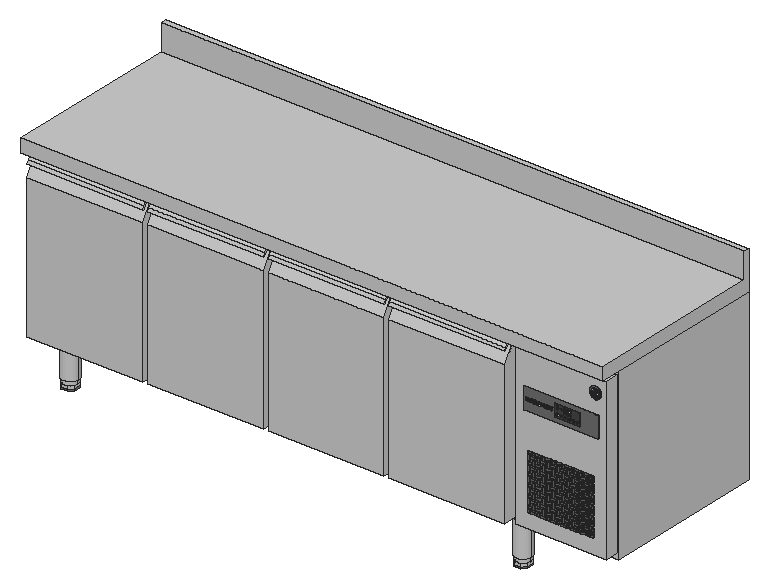
Revit family "QF_HOSHIZAKI_899040844", category Specialty Equipment, Revit 2016 (continued)
Definition of nested family "QF_HOSHIZAKI_899040844_230V_1Ph_50Hz"
  Definition of nested family "Control-panel"
    Forms (mm)
      Extrusion 1, solid
        sketch origin (-3653, 19.5, -135) x (-1, 0, 0) y (0, 0, 1)
          loop
            line (-3900.025, 276.976) -> (-3900.025, 283.976) -> (-3907.025, 283.976) -> (-3907.025, 276.976) -> (-3900.025, 276.976)
          loop
            line (-3881.025, 276.976) -> (-3881.025, 283.976) -> (-3888.025, 283.976) -> (-3888.025, 276.976) -> (-3881.025, 276.976)
          loop
            line (-3862.025, 276.976) -> (-3862.025, 283.976) -> (-3869.025, 283.976) -> (-3869.025, 276.976) -> (-3862.025, 276.976)
          loop
            line (-3843.025, 276.976) -> (-3843.025, 283.976) -> (-3850.025, 283.976) -> (-3850.025, 276.976) -> (-3843.025, 276.976)
          loop
            line (-3824.025, 276.976) -> (-3824.025, 283.976) -> (-3831.025, 283.976) -> (-3831.025, 276.976) -> (-3824.025, 276.976)
          loop
            line (-3805.025, 276.976) -> (-3805.025, 283.976) -> (-3812.025, 283.976) -> (-3812.025, 276.976) -> (-3805.025, 276.976)
          loop
            line (-3786.025, 276.976) -> (-3786.025, 283.976) -> (-3793.025, 283.976) -> (-3793.025, 276.976) -> (-3786.025, 276.976)
          loop
            line (-3767.025, 276.976) -> (-3767.025, 283.976) -> (-3774.025, 283.976) -> (-3774.025, 276.976) -> (-3767.025, 276.976)
          loop
            line (-3748.025, 276.976) -> (-3748.025, 283.976) -> (-3755.025, 283.976) -> (-3755.025, 276.976) -> (-3748.025, 276.976)
          loop
            line (-3729.025, 276.976) -> (-3729.025, 283.976) -> (-3736.025, 283.976) -> (-3736.025, 276.976) -> (-3729.025, 276.976)
          loop
            line (-3710.025, 276.976) -> (-3710.025, 283.976) -> (-3717.025, 283.976) -> (-3717.025, 276.976) -> (-3710.025, 276.976)
          loop
            arc (-3719.5, 279.986) -> (-3723, 283.486) -> (-3726.5, 279.986) r 3.5
            line (-3726.5, 279.986) -> (-3726.5, 261.986)
            arc (-3726.5, 261.986) -> (-3723, 258.486) -> (-3719.5, 261.986) r 3.5
            line (-3719.5, 261.986) -> (-3719.5, 279.986)
          loop
            arc (-3757.5, 279.986) -> (-3761, 283.486) -> (-3764.5, 279.986) r 3.5
            line (-3764.5, 279.986) -> (-3764.5, 261.986)
            arc (-3764.5, 261.986) -> (-3761, 258.486) -> (-3757.5, 261.986) r 3.5
            line (-3757.5, 261.986) -> (-3757.5, 279.986)
          loop
            arc (-3795.5, 279.986) -> (-3799, 283.486) -> (-3802.5, 279.986) r 3.5
            line (-3802.5, 279.986) -> (-3802.5, 261.986)
            arc (-3802.5, 261.986) -> (-3799, 258.486) -> (-3795.5, 261.986) r 3.5
            line (-3795.5, 261.986) -> (-3795.5, 279.986)
          loop
            arc (-3833.5, 279.986) -> (-3837, 283.486) -> (-3840.5, 279.986) r 3.5
            line (-3840.5, 279.986) -> (-3840.5, 261.986)
            arc (-3840.5, 261.986) -> (-3837, 258.486) -> (-3833.5, 261.986) r 3.5
            line (-3833.5, 261.986) -> (-3833.5, 279.986)
          loop
            arc (-3871.5, 279.986) -> (-3875, 283.486) -> (-3878.5, 279.986) r 3.5
            line (-3878.5, 279.986) -> (-3878.5, 261.986)
            arc (-3878.5, 261.986) -> (-3875, 258.486) -> (-3871.5, 261.986) r 3.5
            line (-3871.5, 261.986) -> (-3871.5, 279.986)
          loop
            arc (-3909.5, 279.986) -> (-3913, 283.486) -> (-3916.5, 279.986) r 3.5
            line (-3916.5, 279.986) -> (-3916.5, 261.986)
            arc (-3916.5, 261.986) -> (-3913, 258.486) -> (-3909.5, 261.986) r 3.5
            line (-3909.5, 261.986) -> (-3909.5, 279.986)
          loop
            arc (-3951, 292.986) -> (-3954, 289.986) -> (-3951, 286.986) r 3
            line (-3951, 286.986) -> (-3942, 286.986)
            arc (-3942, 286.986) -> (-3939, 289.986) -> (-3942, 292.986) r 3
            line (-3942, 292.986) -> (-3951, 292.986)
          loop
            arc (-3947.5, 279.986) -> (-3951, 283.486) -> (-3954.5, 279.986) r 3.5
            line (-3954.5, 279.986) -> (-3954.5, 261.986)
            arc (-3954.5, 261.986) -> (-3951, 258.486) -> (-3947.5, 261.986) r 3.5
            line (-3947.5, 261.986) -> (-3947.5, 279.986)
          loop
            arc (-3941, 274.486) -> (-3944.5, 270.986) -> (-3941, 267.486) r 3.5
            line (-3941, 267.486) -> (-3923, 267.486)
            arc (-3923, 267.486) -> (-3919.5, 270.986) -> (-3923, 274.486) r 3.5
            line (-3923, 274.486) -> (-3941, 274.486)
          loop
            arc (-3903, 274.486) -> (-3906.5, 270.986) -> (-3903, 267.486) r 3.5
            line (-3903, 267.486) -> (-3885, 267.486)
            arc (-3885, 267.486) -> (-3881.5, 270.986) -> (-3885, 274.486) r 3.5
            line (-3885, 274.486) -> (-3903, 274.486)
          loop
            arc (-3865, 274.486) -> (-3868.5, 270.986) -> (-3865, 267.486) r 3.5
            line (-3865, 267.486) -> (-3847, 267.486)
            arc (-3847, 267.486) -> (-3843.5, 270.986) -> (-3847, 274.486) r 3.5
            line (-3847, 274.486) -> (-3865, 274.486)
          loop
            arc (-3827, 274.486) -> (-3830.5, 270.986) -> (-3827, 267.486) r 3.5
            line (-3827, 267.486) -> (-3809, 267.486)
            arc (-3809, 267.486) -> (-3805.5, 270.986) -> (-3809, 274.486) r 3.5
            line (-3809, 274.486) -> (-3827, 274.486)
          loop
            arc (-3789, 274.486) -> (-3792.5, 270.986) -> (-3789, 267.486) r 3.5
            line (-3789, 267.486) -> (-3771, 267.486)
            arc (-3771, 267.486) -> (-3767.5, 270.986) -> (-3771, 274.486) r 3.5
            line (-3771, 274.486) -> (-3789, 274.486)
          loop
            arc (-3751, 274.486) -> (-3754.5, 270.986) -> (-3751, 267.486) r 3.5
            line (-3751, 267.486) -> (-3733, 267.486)
            arc (-3733, 267.486) -> (-3729.5, 270.986) -> (-3733, 274.486) r 3.5
            line (-3733, 274.486) -> (-3751, 274.486)
          loop
            arc (-3713, 274.486) -> (-3716.5, 270.986) -> (-3713, 267.486) r 3.5
            line (-3713, 267.486) -> (-3704, 267.486)
            arc (-3704, 267.486) -> (-3700.5, 270.986) -> (-3704, 274.486) r 3.5
            line (-3704, 274.486) -> (-3713, 274.486)
          loop
            line (-3938.025, 264.996) -> (-3945.025, 264.996) -> (-3945.025, 257.996) -> (-3938.025, 257.996) -> (-3938.025, 264.996)
          loop
            line (-3919.025, 264.996) -> (-3926.025, 264.996) -> (-3926.025, 257.996) -> (-3919.025, 257.996) -> (-3919.025, 264.996)
          loop
            line (-3900.025, 264.996) -> (-3907.025, 264.996) -> (-3907.025, 257.996) -> (-3900.025, 257.996) -> (-3900.025, 264.996)
          loop
            line (-3881.025, 264.996) -> (-3888.025, 264.996) -> (-3888.025, 257.996) -> (-3881.025, 257.996) -> (-3881.025, 264.996)
          loop
            line (-3862.025, 264.996) -> (-3869.025, 264.996) -> (-3869.025, 257.996) -> (-3862.025, 257.996) -> (-3862.025, 264.996)
          loop
            line (-3843.025, 264.996) -> (-3850.025, 264.996) -> (-3850.025, 257.996) -> (-3843.025, 257.996) -> (-3843.025, 264.996)
          loop
            line (-3824.025, 264.996) -> (-3831.025, 264.996) -> (-3831.025, 257.996) -> (-3824.025, 257.996) -> (-3824.025, 264.996)
          loop
            line (-3805.025, 264.996) -> (-3812.025, 264.996) -> (-3812.025, 257.996) -> (-3805.025, 257.996) -> (-3805.025, 264.996)
          loop
            line (-3786.025, 264.996) -> (-3793.025, 264.996) -> (-3793.025, 257.996) -> (-3786.025, 257.996) -> (-3786.025, 264.996)
          loop
            line (-3767.025, 264.996) -> (-3774.025, 264.996) -> (-3774.025, 257.996) -> (-3767.025, 257.996) -> (-3767.025, 264.996)
          loop
            line (-3748.025, 264.996) -> (-3755.025, 264.996) -> (-3755.025, 257.996) -> (-3748.025, 257.996) -> (-3748.025, 264.996)
          loop
            line (-3729.025, 264.996) -> (-3736.025, 264.996) -> (-3736.025, 257.996) -> (-3729.025, 257.996) -> (-3729.025, 264.996)
          loop
            line (-3710.025, 264.996) -> (-3717.025, 264.996) -> (-3717.025, 257.996) -> (-3710.025, 257.996) -> (-3710.025, 264.996)
          loop
            line (-3935.5, 260.986) -> (-3935.5, 242.986)
            arc (-3935.5, 242.986) -> (-3932, 239.486) -> (-3928.5, 242.986) r 3.5
            line (-3928.5, 242.986) -> (-3928.5, 260.986)
            arc (-3928.5, 260.986) -> (-3932, 264.486) -> (-3935.5, 260.986) r 3.5
          loop
            line (-3897.5, 260.986) -> (-3897.5, 242.986)
            arc (-3897.5, 242.986) -> (-3894, 239.486) -> (-3890.5, 242.986) r 3.5
            line (-3890.5, 242.986) -> (-3890.5, 260.986)
            arc (-3890.5, 260.986) -> (-3894, 264.486) -> (-3897.5, 260.986) r 3.5
          loop
            line (-3859.5, 260.986) -> (-3859.5, 242.986)
            arc (-3859.5, 242.986) -> (-3856, 239.486) -> (-3852.5, 242.986) r 3.5
            line (-3852.5, 242.986) -> (-3852.5, 260.986)
            arc (-3852.5, 260.986) -> (-3856, 264.486) -> (-3859.5, 260.986) r 3.5
          loop
            line (-3821.5, 260.986) -> (-3821.5, 242.986)
            arc (-3821.5, 242.986) -> (-3818, 239.486) -> (-3814.5, 242.986) r 3.5
            line (-3814.5, 242.986) -> (-3814.5, 260.986)
            arc (-3814.5, 260.986) -> (-3818, 264.486) -> (-3821.5, 260.986) r 3.5
          loop
            line (-3783.5, 260.986) -> (-3783.5, 242.986)
            arc (-3783.5, 242.986) -> (-3780, 239.486) -> (-3776.5, 242.986) r 3.5
            line (-3776.5, 242.986) -> (-3776.5, 260.986)
            arc (-3776.5, 260.986) -> (-3780, 264.486) -> (-3783.5, 260.986) r 3.5
          loop
            line (-3745.5, 260.986) -> (-3745.5, 242.986)
            arc (-3745.5, 242.986) -> (-3742, 239.486) -> (-3738.5, 242.986) r 3.5
            line (-3738.5, 242.986) -> (-3738.5, 260.986)
            arc (-3738.5, 260.986) -> (-3742, 264.486) -> (-3745.5, 260.986) r 3.5
          loop
            line (-3707.5, 260.986) -> (-3707.5, 242.986)
            arc (-3707.5, 242.986) -> (-3704, 239.486) -> (-3700.5, 242.986) r 3.5
            line (-3700.5, 242.986) -> (-3700.5, 260.986)
            arc (-3700.5, 260.986) -> (-3704, 264.486) -> (-3707.5, 260.986) r 3.5
          loop
            arc (-3922, 255.486) -> (-3925.5, 251.986) -> (-3922, 248.486) r 3.5
            line (-3922, 248.486) -> (-3904, 248.486)
            arc (-3904, 248.486) -> (-3900.5, 251.986) -> (-3904, 255.486) r 3.5
            line (-3904, 255.486) -> (-3922, 255.486)
          loop
            arc (-3884, 255.486) -> (-3887.5, 251.986) -> (-3884, 248.486) r 3.5
            line (-3884, 248.486) -> (-3866, 248.486)
            arc (-3866, 248.486) -> (-3862.5, 251.986) -> (-3866, 255.486) r 3.5
            line (-3866, 255.486) -> (-3884, 255.486)
          loop
            arc (-3846, 255.486) -> (-3849.5, 251.986) -> (-3846, 248.486) r 3.5
            line (-3846, 248.486) -> (-3828, 248.486)
            arc (-3828, 248.486) -> (-3824.5, 251.986) -> (-3828, 255.486) r 3.5
            line (-3828, 255.486) -> (-3846, 255.486)
          loop
            arc (-3808, 255.486) -> (-3811.5, 251.986) -> (-3808, 248.486) r 3.5
            line (-3808, 248.486) -> (-3790, 248.486)
            arc (-3790, 248.486) -> (-3786.5, 251.986) -> (-3790, 255.486) r 3.5
            line (-3790, 255.486) -> (-3808, 255.486)
          loop
            arc (-3770, 255.486) -> (-3773.5, 251.986) -> (-3770, 248.486) r 3.5
            line (-3770, 248.486) -> (-3752, 248.486)
            arc (-3752, 248.486) -> (-3748.5, 251.986) -> (-3752, 255.486) r 3.5
            line (-3752, 255.486) -> (-3770, 255.486)
          loop
            arc (-3732, 255.486) -> (-3735.5, 251.986) -> (-3732, 248.486) r 3.5
            line (-3732, 248.486) -> (-3714, 248.486)
            arc (-3714, 248.486) -> (-3710.5, 251.986) -> (-3714, 255.486) r 3.5
            line (-3714, 255.486) -> (-3732, 255.486)
          loop
            line (-3938.025, 238.976) -> (-3938.025, 245.976) -> (-3945.025, 245.976) -> (-3945.025, 238.976) -> (-3938.025, 238.976)
          loop
            line (-3919.025, 238.976) -> (-3919.025, 245.976) -> (-3926.025, 245.976) -> (-3926.025, 238.976) -> (-3919.025, 238.976)
          loop
            line (-3900.025, 238.976) -> (-3900.025, 245.976) -> (-3907.025, 245.976) -> (-3907.025, 238.976) -> (-3900.025, 238.976)
          loop
            line (-3881.025, 238.976) -> (-3881.025, 245.976) -> (-3888.025, 245.976) -> (-3888.025, 238.976) -> (-3881.025, 238.976)
          loop
            line (-3862.025, 238.976) -> (-3862.025, 245.976) -> (-3869.025, 245.976) -> (-3869.025, 238.976) -> (-3862.025, 238.976)
          loop
            line (-3843.025, 238.976) -> (-3843.025, 245.976) -> (-3850.025, 245.976) -> (-3850.025, 238.976) -> (-3843.025, 238.976)
          loop
            line (-3824.025, 238.976) -> (-3824.025, 245.976) -> (-3831.025, 245.976) -> (-3831.025, 238.976) -> (-3824.025, 238.976)
          loop
            line (-3805.025, 238.976) -> (-3805.025, 245.976) -> (-3812.025, 245.976) -> (-3812.025, 238.976) -> (-3805.025, 238.976)
          loop
            line (-3786.025, 238.976) -> (-3786.025, 245.976) -> (-3793.025, 245.976) -> (-3793.025, 238.976) -> (-3786.025, 238.976)
          loop
            line (-3767.025, 238.976) -> (-3767.025, 245.976) -> (-3774.025, 245.976) -> (-3774.025, 238.976) -> (-3767.025, 238.976)
          loop
            line (-3748.025, 238.976) -> (-3748.025, 245.976) -> (-3755.025, 245.976) -> (-3755.025, 238.976) -> (-3748.025, 238.976)
          loop
            line (-3729.025, 238.976) -> (-3729.025, 245.976) -> (-3736.025, 245.976) -> (-3736.025, 238.976) -> (-3729.025, 238.976)
          loop
            line (-3710.025, 238.976) -> (-3710.025, 245.976) -> (-3717.025, 245.976) -> (-3717.025, 238.976) -> (-3710.025, 238.976)
          loop
            arc (-3719.5, 241.986) -> (-3723, 245.486) -> (-3726.5, 241.986) r 3.5
            line (-3726.5, 241.986) -> (-3726.5, 223.986)
            arc (-3726.5, 223.986) -> (-3723, 220.486) -> (-3719.5, 223.986) r 3.5
            line (-3719.5, 223.986) -> (-3719.5, 241.986)
          loop
            arc (-3757.5, 241.986) -> (-3761, 245.486) -> (-3764.5, 241.986) r 3.5
            line (-3764.5, 241.986) -> (-3764.5, 223.986)
            arc (-3764.5, 223.986) -> (-3761, 220.486) -> (-3757.5, 223.986) r 3.5
            line (-3757.5, 223.986) -> (-3757.5, 241.986)
          loop
            arc (-3795.5, 241.986) -> (-3799, 245.486) -> (-3802.5, 241.986) r 3.5
            line (-3802.5, 241.986) -> (-3802.5, 223.986)
            arc (-3802.5, 223.986) -> (-3799, 220.486) -> (-3795.5, 223.986) r 3.5
            line (-3795.5, 223.986) -> (-3795.5, 241.986)
          loop
            arc (-3833.5, 241.986) -> (-3837, 245.486) -> (-3840.5, 241.986) r 3.5
            line (-3840.5, 241.986) -> (-3840.5, 223.986)
            arc (-3840.5, 223.986) -> (-3837, 220.486) -> (-3833.5, 223.986) r 3.5
            line (-3833.5, 223.986) -> (-3833.5, 241.986)
          loop
            arc (-3871.5, 241.986) -> (-3875, 245.486) -> (-3878.5, 241.986) r 3.5
            line (-3878.5, 241.986) -> (-3878.5, 223.986)
            arc (-3878.5, 223.986) -> (-3875, 220.486) -> (-3871.5, 223.986) r 3.5
            line (-3871.5, 223.986) -> (-3871.5, 241.986)
          loop
            arc (-3909.5, 241.986) -> (-3913, 245.486) -> (-3916.5, 241.986) r 3.5
            line (-3916.5, 241.986) -> (-3916.5, 223.986)
            arc (-3916.5, 223.986) -> (-3913, 220.486) -> (-3909.5, 223.986) r 3.5
            line (-3909.5, 223.986) -> (-3909.5, 241.986)
          loop
            arc (-3951, 254.986) -> (-3954, 251.986) -> (-3951, 248.986) r 3
            line (-3951, 248.986) -> (-3942, 248.986)
            arc (-3942, 248.986) -> (-3939, 251.986) -> (-3942, 254.986) r 3
            line (-3942, 254.986) -> (-3951, 254.986)
          loop
            arc (-3947.5, 241.986) -> (-3951, 245.486) -> (-3954.5, 241.986) r 3.5
            line (-3954.5, 241.986) -> (-3954.5, 223.986)
            arc (-3954.5, 223.986) -> (-3951, 220.486) -> (-3947.5, 223.986) r 3.5
            line (-3947.5, 223.986) -> (-3947.5, 241.986)
          loop
            arc (-3941, 236.486) -> (-3944.5, 232.986) -> (-3941, 229.486) r 3.5
            line (-3941, 229.486) -> (-3923, 229.486)
            arc (-3923, 229.486) -> (-3919.5, 232.986) -> (-3923, 236.486) r 3.5
            line (-3923, 236.486) -> (-3941, 236.486)
          loop
            arc (-3903, 236.486) -> (-3906.5, 232.986) -> (-3903, 229.486) r 3.5
            line (-3903, 229.486) -> (-3885, 229.486)
            arc (-3885, 229.486) -> (-3881.5, 232.986) -> (-3885, 236.486) r 3.5
            line (-3885, 236.486) -> (-3903, 236.486)
          loop
            arc (-3865, 236.486) -> (-3868.5, 232.986) -> (-3865, 229.486) r 3.5
            line (-3865, 229.486) -> (-3847, 229.486)
            arc (-3847, 229.486) -> (-3843.5, 232.986) -> (-3847, 236.486) r 3.5
            line (-3847, 236.486) -> (-3865, 236.486)
          loop
            arc (-3827, 236.486) -> (-3830.5, 232.986) -> (-3827, 229.486) r 3.5
            line (-3827, 229.486) -> (-3809, 229.486)
            arc (-3809, 229.486) -> (-3805.5, 232.986) -> (-3809, 236.486) r 3.5
            line (-3809, 236.486) -> (-3827, 236.486)
          loop
            arc (-3789, 236.486) -> (-3792.5, 232.986) -> (-3789, 229.486) r 3.5
            line (-3789, 229.486) -> (-3771, 229.486)
            arc (-3771, 229.486) -> (-3767.5, 232.986) -> (-3771, 236.486) r 3.5
            line (-3771, 236.486) -> (-3789, 236.486)
          loop
            arc (-3751, 236.486) -> (-3754.5, 232.986) -> (-3751, 229.486) r 3.5
            line (-3751, 229.486) -> (-3733, 229.486)
            arc (-3733, 229.486) -> (-3729.5, 232.986) -> (-3733, 236.486) r 3.5
            line (-3733, 236.486) -> (-3751, 236.486)
          loop
            arc (-3713, 236.486) -> (-3716.5, 232.986) -> (-3713, 229.486) r 3.5
            line (-3713, 229.486) -> (-3704, 229.486)
            arc (-3704, 229.486) -> (-3700.5, 232.986) -> (-3704, 236.486) r 3.5
            line (-3704, 236.486) -> (-3713, 236.486)
          loop
            line (-3938.025, 226.996) -> (-3945.025, 226.996) -> (-3945.025, 219.996) -> (-3938.025, 219.996) -> (-3938.025, 226.996)
          loop
            line (-3919.025, 226.996) -> (-3926.025, 226.996) -> (-3926.025, 219.996) -> (-3919.025, 219.996) -> (-3919.025, 226.996)
          loop
            line (-3900.025, 226.996) -> (-3907.025, 226.996) -> (-3907.025, 219.996) -> (-3900.025, 219.996) -> (-3900.025, 226.996)
          loop
            line (-3881.025, 226.996) -> (-3888.025, 226.996) -> (-3888.025, 219.996) -> (-3881.025, 219.996) -> (-3881.025, 226.996)
          loop
            line (-3862.025, 226.996) -> (-3869.025, 226.996) -> (-3869.025, 219.996) -> (-3862.025, 219.996) -> (-3862.025, 226.996)
          loop
            line (-3843.025, 226.996) -> (-3850.025, 226.996) -> (-3850.025, 219.996) -> (-3843.025, 219.996) -> (-3843.025, 226.996)
          loop
            line (-3824.025, 226.996) -> (-3831.025, 226.996) -> (-3831.025, 219.996) -> (-3824.025, 219.996) -> (-3824.025, 226.996)
          loop
            line (-3805.025, 226.996) -> (-3812.025, 226.996) -> (-3812.025, 219.996) -> (-3805.025, 219.996) -> (-3805.025, 226.996)
          loop
            line (-3786.025, 226.996) -> (-3793.025, 226.996) -> (-3793.025, 219.996) -> (-3786.025, 219.996) -> (-3786.025, 226.996)
          loop
            line (-3767.025, 226.996) -> (-3774.025, 226.996) -> (-3774.025, 219.996) -> (-3767.025, 219.996) -> (-3767.025, 226.996)
          loop
            line (-3748.025, 226.996) -> (-3755.025, 226.996) -> (-3755.025, 219.996) -> (-3748.025, 219.996) -> (-3748.025, 226.996)
          loop
            line (-3729.025, 226.996) -> (-3736.025, 226.996) -> (-3736.025, 219.996) -> (-3729.025, 219.996) -> (-3729.025, 226.996)
          loop
            line (-3710.025, 226.996) -> (-3717.025, 226.996) -> (-3717.025, 219.996) -> (-3710.025, 219.996) -> (-3710.025, 226.996)
          loop
            arc (-3922, 217.486) -> (-3925.5, 213.986) -> (-3922, 210.486) r 3.5
            line (-3922, 210.486) -> (-3904, 210.486)
            arc (-3904, 210.486) -> (-3900.5, 213.986) -> (-3904, 217.486) r 3.5
            line (-3904, 217.486) -> (-3922, 217.486)
          loop
            arc (-3884, 217.486) -> (-3887.5, 213.986) -> (-3884, 210.486) r 3.5
            line (-3884, 210.486) -> (-3866, 210.486)
            arc (-3866, 210.486) -> (-3862.5, 213.986) -> (-3866, 217.486) r 3.5
            line (-3866, 217.486) -> (-3884, 217.486)
          loop
            arc (-3846, 217.486) -> (-3849.5, 213.986) -> (-3846, 210.486) r 3.5
            line (-3846, 210.486) -> (-3828, 210.486)
            arc (-3828, 210.486) -> (-3824.5, 213.986) -> (-3828, 217.486) r 3.5
            line (-3828, 217.486) -> (-3846, 217.486)
          loop
            arc (-3808, 217.486) -> (-3811.5, 213.986) -> (-3808, 210.486) r 3.5
            line (-3808, 210.486) -> (-3790, 210.486)
            arc (-3790, 210.486) -> (-3786.5, 213.986) -> (-3790, 217.486) r 3.5
            line (-3790, 217.486) -> (-3808, 217.486)
          loop
            arc (-3770, 217.486) -> (-3773.5, 213.986) -> (-3770, 210.486) r 3.5
            line (-3770, 210.486) -> (-3752, 210.486)
            arc (-3752, 210.486) -> (-3748.5, 213.986) -> (-3752, 217.486) r 3.5
            line (-3752, 217.486) -> (-3770, 217.486)
          loop
            arc (-3732, 217.486) -> (-3735.5, 213.986) -> (-3732, 210.486) r 3.5
            line (-3732, 210.486) -> (-3714, 210.486)
            arc (-3714, 210.486) -> (-3710.5, 213.986) -> (-3714, 217.486) r 3.5
            line (-3714, 217.486) -> (-3732, 217.486)
          loop
            arc (-3951, 216.986) -> (-3954, 213.986) -> (-3951, 210.986) r 3
            line (-3951, 210.986) -> (-3942, 210.986)
            arc (-3942, 210.986) -> (-3939, 213.986) -> (-3942, 216.986) r 3
            line (-3942, 216.986) -> (-3951, 216.986)
          loop
            arc (-3701, 223.486) -> (-3704, 226.486) -> (-3707, 223.486) r 3
            line (-3707, 223.486) -> (-3707, 214.486)
            arc (-3707, 214.486) -> (-3704, 211.486) -> (-3701, 214.486) r 3
            line (-3701, 214.486) -> (-3701, 223.486)
          loop
            arc (-3739, 223.486) -> (-3742, 226.486) -> (-3745, 223.486) r 3
            line (-3745, 223.486) -> (-3745, 214.486)
            arc (-3745, 214.486) -> (-3742, 211.486) -> (-3739, 214.486) r 3
            line (-3739, 214.486) -> (-3739, 223.486)
          loop
            arc (-3777, 223.486) -> (-3780, 226.486) -> (-3783, 223.486) r 3
            line (-3783, 223.486) -> (-3783, 214.486)
            arc (-3783, 214.486) -> (-3780, 211.486) -> (-3777, 214.486) r 3
            line (-3777, 214.486) -> (-3777, 223.486)
          loop
            arc (-3815, 223.486) -> (-3818, 226.486) -> (-3821, 223.486) r 3
            line (-3821, 223.486) -> (-3821, 214.486)
            arc (-3821, 214.486) -> (-3818, 211.486) -> (-3815, 214.486) r 3
            line (-3815, 214.486) -> (-3815, 223.486)
          loop
            arc (-3853, 223.486) -> (-3856, 226.486) -> (-3859, 223.486) r 3
            line (-3859, 223.486) -> (-3859, 214.486)
            arc (-3859, 214.486) -> (-3856, 211.486) -> (-3853, 214.486) r 3
            line (-3853, 214.486) -> (-3853, 223.486)
          loop
            arc (-3891, 223.486) -> (-3894, 226.486) -> (-3897, 223.486) r 3
            line (-3897, 223.486) -> (-3897, 214.486)
            arc (-3897, 214.486) -> (-3894, 211.486) -> (-3891, 214.486) r 3
            line (-3891, 214.486) -> (-3891, 223.486)
          loop
            arc (-3929, 223.486) -> (-3932, 226.486) -> (-3935, 223.486) r 3
            line (-3935, 223.486) -> (-3935, 214.486)
            arc (-3935, 214.486) -> (-3932, 211.486) -> (-3929, 214.486) r 3
            line (-3929, 214.486) -> (-3929, 223.486)
        from 5.5 to 7.5
      Extrusion 2, solid
        sketch origin (-1812, 19.5, -302.5) x (-1, 0, 0) y (0, 0, 1)
          loop
            line (-2131, 808) -> (-2131, 731)
            arc (-2131, 731) -> (-2130.121, 728.879) -> (-2128, 728) r 3
            line (-2128, 728) -> (-1845, 728)
            arc (-1845, 728) -> (-1842.879, 728.879) -> (-1842, 731) r 3
            line (-1842, 731) -> (-1842, 808)
            arc (-1842, 808) -> (-1842.879, 810.121) -> (-1845, 811) r 3
            line (-1845, 811) -> (-2128, 811)
            arc (-2128, 811) -> (-2130.121, 810.121) -> (-2131, 808) r 3
        from 5.5 to 7.5
      Extrusion 3, solid
        sketch origin (-1721.829, 19.5, -302.5) x (-1, 0, 0) y (0, 0, 1)
          loop
            line (-1873, 793) -> (-1968.159, 793) -> (-1968.159, 746) -> (-1873, 746) -> (-1873, 793)
        from 5 to 7.5
      Extrusion 4, solid, visible <- "Show Logo"
        sketch origin (-1807, 19.5, -188.5) x (-1, 0, 0) y (0, 0, 1)
          loop
            circle (-2113.5, 769.5) r 13.99
        from 4.5 to 6
      Extrusion 5, solid, visible <- "Show Logo"
        sketch origin (-1807, 19.5, -188.5) x (-1, 0, 0) y (0, 0, 1)
          loop
            circle (-2113.5, 769.5) r 15
          loop
            line (-2126.5, 769.5) -> (-2120.846, 773.459) -> (-2118.907, 773.459) -> (-2118.036, 763.497) -> (-2119.632, 763.497) -> (-2117.808, 760.891) -> (-2122.091, 759.743)
            arc (-2122.091, 759.743) -> (-2112.99, 756.51) -> (-2104.171, 760.446) r 13
            line (-2104.171, 760.446) -> (-2111.913, 760.446) -> (-2113.024, 758.523) -> (-2117.6, 758.523) -> (-2113.951, 764.843) -> (-2112.168, 762.297) -> (-2110.969, 763.497) -> (-2112.161, 767.945) -> (-2112.983, 771.014) -> (-2114.045, 774.979) -> (-2115.629, 777.241) -> (-2111.344, 777.241) -> (-2110.01, 772.26) -> (-2108.361, 772.26) -> (-2107.029, 770.928) -> (-2104.038, 769.201) -> (-2103.03, 765.437) -> (-2100.604, 767.863)
            arc (-2100.604, 767.863) -> (-2112.68, 782.474) -> (-2126.5, 769.5) r 13
          loop
            arc (-2125.531, 764.467) -> (-2124.506, 762.602) -> (-2123.241, 760.891) r 15.828
            line (-2123.241, 760.891) -> (-2121.071, 768.926) -> (-2125.531, 764.467)
          loop
            line (-2109.801, 769.877) -> (-2109.801, 764.664) -> (-2108.483, 768.285) -> (-2106.744, 769.399) -> (-2109.801, 769.877)
          loop
            line (-2108.558, 762.979) -> (-2105.47, 762.035) -> (-2104.504, 761.224) -> (-2103.812, 761.916) -> (-2105.089, 763.908) -> (-2108.558, 762.979)
          loop
            line (-2110.775, 779.307) -> (-2108.457, 780.388) -> (-2110.775, 781.009) -> (-2110.775, 779.307)
          loop
            line (-2113.024, 781.662) -> (-2115.087, 781.11) -> (-2114.199, 779.205) -> (-2112.584, 779.638) -> (-2113.79, 780.335) -> (-2113.024, 781.662)
          loop
            line (-2113.762, 753.783) -> (-2114.844, 752.701) -> (-2116.385, 752.701) -> (-2115.329, 751.645) -> (-2115.642, 749.874) -> (-2113.762, 750.959) -> (-2111.881, 749.874) -> (-2112.194, 751.645) -> (-2111.138, 752.701) -> (-2112.679, 752.701) -> (-2113.762, 753.783)
          loop
            line (-2126.524, 760.7) -> (-2128.032, 760.965) -> (-2128.916, 762.228) -> (-2129.176, 760.757) -> (-2130.805, 759.997) -> (-2128.838, 759.08) -> (-2128.648, 756.917) -> (-2127.377, 758.188) -> (-2125.906, 757.929) -> (-2126.79, 759.191) -> (-2126.524, 760.7)
          loop
            line (-2120.989, 755.68) -> (-2122.45, 755.219) -> (-2123.816, 755.931) -> (-2123.367, 754.507) -> (-2124.462, 753.08) -> (-2122.293, 753.175) -> (-2121.127, 751.344) -> (-2120.586, 753.059) -> (-2119.162, 753.508) -> (-2120.529, 754.219) -> (-2120.989, 755.68)
          loop
            line (-2100.476, 760.7) -> (-2100.21, 759.191) -> (-2101.094, 757.929) -> (-2099.623, 758.188) -> (-2098.352, 756.917) -> (-2098.162, 759.08) -> (-2096.195, 759.997) -> (-2097.824, 760.757) -> (-2098.084, 762.228) -> (-2098.968, 760.965) -> (-2100.476, 760.7)
          loop
            line (-2106.011, 755.68) -> (-2106.471, 754.219) -> (-2107.838, 753.508) -> (-2106.414, 753.059) -> (-2105.873, 751.344) -> (-2104.707, 753.175) -> (-2102.538, 753.08) -> (-2103.633, 754.507) -> (-2103.184, 755.931) -> (-2104.55, 755.219) -> (-2106.011, 755.68)
        from 4 to 6
      Extrusion 6, solid, visible <- "Show Logo"
        sketch origin (-1807, 19.5, -188.5) x (-1, 0, 0) y (0, 0, 1)
          loop
            line (-2110.775, 781.009) -> (-2112.201, 782.435)
            arc (-2112.201, 782.435) -> (-2113.187, 782.496) -> (-2114.172, 782.435) r 8.046
            arc (-2114.172, 782.435) -> (-2116.517, 781.025) -> (-2117.04, 778.339) r 3.366
            line (-2117.04, 778.339) -> (-2118.907, 773.459) -> (-2117.808, 760.891) -> (-2119.436, 758.565) -> (-2117.576, 758.565) -> (-2113.951, 764.843) -> (-2112.168, 762.297) -> (-2110.969, 763.497) -> (-2114.045, 774.979) -> (-2115.629, 777.241) -> (-2111.299, 777.241) -> (-2110.775, 779.307) -> (-2110.775, 781.009)
          loop
            line (-2116.531, 758.523) -> (-2117.14, 757.468) -> (-2111.822, 757.468) -> (-2112.761, 758.407) -> (-2109.605, 758.407) -> (-2110.682, 759.485) -> (-2112.469, 759.485) -> (-2113.024, 758.523) -> (-2116.531, 758.523)
          loop
            line (-2113.024, 781.662) -> (-2115.087, 781.11) -> (-2114.199, 779.205) -> (-2112.584, 779.638) -> (-2113.79, 780.335) -> (-2113.024, 781.662)
        from 4 to 6
      Extrusion 7, solid, visible <- "Show Logo"
        sketch origin (-1807, 19.5, -188.5) x (-1, 0, 0) y (0, 0, 1)
          loop
            circle (-2113.5, 769.5) r 22.5
        from 5 to 7.5
      Extrusion 8, solid
        sketch origin (-1721.829, 19.5, -302.5) x (-1, 0, 0) y (0, 0, 1)
          loop
            line (-1897.356, 754.233) -> (-1901.676, 760.18) -> (-1902.485, 759.592) -> (-1897.356, 752.532) -> (-1892.226, 759.592) -> (-1893.035, 760.18) -> (-1897.356, 754.233)
          loop
            line (-1895.298, 779.667) -> (-1903.298, 779.667) -> (-1899.298, 774.161) -> (-1895.298, 779.667)
          loop
            arc (-1884, 780.828) -> (-1883, 775) -> (-1882, 780.828) r 3
            line (-1882, 780.828) -> (-1882, 789)
            arc (-1882, 789) -> (-1883, 790) -> (-1884, 789) r 1
            line (-1884, 789) -> (-1884, 780.828)
          loop
            line (-1936.977, 758.753) -> (-1936.977, 757.753) -> (-1935.558, 757.753) -> (-1935.558, 753.753) -> (-1934.558, 753.753) -> (-1934.558, 757.753) -> (-1933.139, 757.753) -> (-1933.139, 758.753) -> (-1936.977, 758.753)
          loop
            line (-1932.115, 758.753) -> (-1932.115, 757.753) -> (-1929.56, 757.753) -> (-1929.56, 756.753) -> (-1932.115, 756.753) -> (-1932.115, 755.753) -> (-1929.56, 755.753) -> (-1929.56, 754.846) -> (-1932.115, 754.846) -> (-1932.115, 753.959) -> (-1928.597, 753.959) -> (-1928.597, 758.753) -> (-1932.115, 758.753)
          loop
            arc (-1924.65, 754.079) -> (-1924.044, 754.636) -> (-1923.817, 755.427) r 1.523
            line (-1923.817, 755.427) -> (-1924.894, 755.427)
            arc (-1924.894, 755.427) -> (-1925.223, 754.677) -> (-1926.036, 754.57) r 0.834
            arc (-1926.036, 754.57) -> (-1926.426, 755.149) -> (-1926.036, 755.728) r 0.624
            line (-1926.036, 755.728) -> (-1924.4, 756.389)
            arc (-1924.4, 756.389) -> (-1923.819, 757.429) -> (-1924.4, 758.468) r 1.22
            arc (-1924.4, 758.468) -> (-1925.609, 758.837) -> (-1926.845, 758.566) r 2.5
            arc (-1926.845, 758.566) -> (-1927.43, 758.007) -> (-1927.61, 757.218) r 1.408
            line (-1927.61, 757.218) -> (-1926.501, 757.218)
            arc (-1926.501, 757.218) -> (-1926.119, 757.761) -> (-1925.46, 757.843) r 0.819
            arc (-1925.46, 757.843) -> (-1925.082, 757.298) -> (-1925.527, 756.805) r 0.534
            arc (-1925.527, 756.805) -> (-1926.174, 756.645) -> (-1926.79, 756.389) r 4.401
            arc (-1926.79, 756.389) -> (-1927.499, 755.234) -> (-1926.79, 754.079) r 1.296
            arc (-1926.79, 754.079) -> (-1925.72, 753.823) -> (-1924.65, 754.079) r 2.364
          loop
            line (-1958.87, 752.532) -> (-1958.87, 755.934)
            arc (-1958.87, 755.934) -> (-1958.222, 756.503) -> (-1957.723, 757.207) r 3.697
            arc (-1957.723, 757.207) -> (-1957.553, 757.851) -> (-1957.699, 758.502) r 1.401
            arc (-1957.699, 758.502) -> (-1958.144, 759.265) -> (-1958.709, 759.944) r 5.307
            arc (-1958.709, 759.944) -> (-1959.239, 760.424) -> (-1959.82, 760.841) r 6.284
            arc (-1959.82, 760.841) -> (-1960.356, 760.997) -> (-1960.892, 760.841) r 1
            arc (-1960.892, 760.841) -> (-1961.473, 760.424) -> (-1962.003, 759.944) r 6.284
            arc (-1962.003, 759.944) -> (-1962.568, 759.265) -> (-1963.013, 758.502) r 5.307
            arc (-1963.013, 758.502) -> (-1963.159, 757.851) -> (-1962.988, 757.207) r 1.401
            arc (-1962.988, 757.207) -> (-1962.49, 756.503) -> (-1961.842, 755.934) r 3.697
            line (-1961.842, 755.934) -> (-1961.842, 752.532) -> (-1958.87, 752.532)
          loop
            line (-1882.858, 757.309) -> (-1881.853, 757.309) -> (-1881.853, 762) -> (-1882.858, 762) -> (-1882.858, 757.309)
          loop
            line (-1881.418, 759.222) -> (-1881.418, 760.609)
            arc (-1881.418, 760.609) -> (-1882.356, 752) -> (-1883.294, 760.609) r 4.356
            line (-1883.294, 760.609) -> (-1883.294, 759.222)
            arc (-1883.294, 759.222) -> (-1882.356, 753.34) -> (-1881.418, 759.222) r 3.016
          loop
            line (-1942.482, 755.817) -> (-1943.482, 755.817) -> (-1943.482, 752.817) -> (-1942.482, 752.817) -> (-1942.482, 755.817)
          loop
            line (-1944.856, 754.447) -> (-1945.856, 754.447) -> (-1945.856, 751.447) -> (-1944.856, 751.447) -> (-1944.856, 754.447)
          loop
            line (-1948.23, 755.817) -> (-1948.23, 752.817) -> (-1947.23, 752.817) -> (-1947.23, 755.817) -> (-1948.23, 755.817)
          loop
            line (-1945.356, 755.607) -> (-1942.858, 757.356) -> (-1943.431, 758.175) -> (-1945.356, 756.827) -> (-1947.28, 758.175) -> (-1947.854, 757.356) -> (-1945.356, 755.607)
          loop
            line (-1945.356, 758.296) -> (-1943.128, 760.523) -> (-1943.835, 761.23) -> (-1945.356, 759.71) -> (-1946.876, 761.23) -> (-1947.583, 760.523) -> (-1945.356, 758.296)
          loop
            line (-1912.356, 758.479) -> (-1908.035, 752.532) -> (-1907.226, 753.12) -> (-1912.356, 760.18) -> (-1917.485, 753.12) -> (-1916.676, 752.532) -> (-1912.356, 758.479)
          loop
            line (-1919.965, 768) -> (-1908.298, 768) -> (-1908.298, 779.667) -> (-1916.632, 779.667) -> (-1916.632, 784.667) -> (-1908.298, 784.667) -> (-1908.298, 788) -> (-1919.965, 788) -> (-1919.965, 776.333) -> (-1911.632, 776.333) -> (-1911.632, 771.333) -> (-1919.965, 771.333) -> (-1919.965, 768)
          loop
            line (-1934.965, 768) -> (-1923.298, 768) -> (-1923.298, 779.667) -> (-1931.632, 779.667) -> (-1931.632, 784.667) -> (-1923.298, 784.667) -> (-1923.298, 788) -> (-1934.965, 788) -> (-1934.965, 776.333) -> (-1926.632, 776.333) -> (-1926.632, 771.333) -> (-1934.965, 771.333) -> (-1934.965, 768)
        from 5 to 7.5
      Extrusion 9, solid, visible <- "Show Logo"
        sketch origin (5.605, 25.5, -94.508) x (-1, 0, 0) y (0, 0, 1)
          loop
            line (-34.966, 567.015) -> (-40.766, 567.015) -> (-40.766, 565.73) -> (-38.944, 564.902) -> (-38.944, 562.682) -> (-43.554, 562.682) -> (-43.554, 564.902) -> (-41.731, 565.73) -> (-41.731, 567.015) -> (-47.532, 567.015) -> (-47.532, 565.73) -> (-46.098, 564.902) -> (-46.098, 558.114) -> (-47.532, 557.286) -> (-47.532, 556) -> (-41.731, 556) -> (-41.731, 557.286) -> (-43.554, 558.114) -> (-43.554, 560.673) -> (-38.944, 560.673) -> (-38.944, 558.114) -> (-40.766, 557.286) -> (-40.766, 556) -> (-34.966, 556) -> (-34.966, 557.286) -> (-36.4, 558.114) -> (-36.4, 564.902) -> (-34.966, 565.73) -> (-34.966, 567.015)
          loop
            spline (-53.399, 556.042) -> (-51.878, 556.229) -> (-50.461, 556.777) -> (-49.244, 557.649) -> (-48.31, 558.785) -> (-47.723, 560.108) -> (-47.523, 561.528) -> (-47.723, 562.949) -> (-48.31, 564.272) -> (-49.244, 565.408) -> (-50.461, 566.28) -> (-51.878, 566.828) -> (-53.399, 567.015)
            spline (-53.399, 567.015) -> (-54.92, 566.828) -> (-56.337, 566.28) -> (-57.554, 565.408) -> (-58.488, 564.272) -> (-59.075, 562.949) -> (-59.276, 561.528) -> (-59.075, 560.108) -> (-58.488, 558.785) -> (-57.554, 557.649) -> (-56.337, 556.777) -> (-54.92, 556.229) -> (-53.399, 556.042)
          loop
            spline (-53.299, 557.388) -> (-52.547, 557.529) -> (-51.847, 557.943) -> (-51.245, 558.601) -> (-50.784, 559.458) -> (-50.493, 560.457) -> (-50.394, 561.528) -> (-50.493, 562.6) -> (-50.784, 563.598) -> (-51.245, 564.456) -> (-51.847, 565.114) -> (-52.547, 565.527) -> (-53.299, 565.668)
            spline (-53.299, 565.668) -> (-54.051, 565.527) -> (-54.752, 565.114) -> (-55.353, 564.456) -> (-55.815, 563.598) -> (-56.105, 562.6) -> (-56.204, 561.528) -> (-56.105, 560.457) -> (-55.815, 559.458) -> (-55.353, 558.601) -> (-54.752, 557.943) -> (-54.051, 557.529) -> (-53.299, 557.388)
          loop
            line (-69.829, 567.094) -> (-69.829, 563.369) -> (-68.139, 563.369) -> (-66.541, 565.495)
            arc (-66.541, 565.495) -> (-65.019, 565.695) -> (-63.498, 565.495) r 5.879
            arc (-63.498, 565.495) -> (-62.682, 564.432) -> (-63.498, 563.369) r 1.1
            line (-63.498, 563.369) -> (-69.29, 561.817)
            arc (-69.29, 561.817) -> (-70.234, 559.317) -> (-69.29, 556.817) r 3.783
            arc (-69.29, 556.817) -> (-65.84, 555.742) -> (-62.391, 556.817) r 6.071
            line (-62.391, 556.817) -> (-61.743, 556.17) -> (-59.855, 556.17) -> (-59.855, 559.779) -> (-61.862, 559.779) -> (-63.839, 557.802)
            arc (-63.839, 557.802) -> (-65.344, 557.537) -> (-66.85, 557.802) r 4.401
            arc (-66.85, 557.802) -> (-67.476, 558.697) -> (-66.85, 559.592) r 0.953
            line (-66.85, 559.592) -> (-61.612, 561.499)
            arc (-61.612, 561.499) -> (-59.989, 563.999) -> (-61.612, 566.499) r 2.737
            arc (-61.612, 566.499) -> (-64.578, 567.129) -> (-67.544, 566.499) r 7.289
            line (-67.544, 566.499) -> (-68.139, 567.094) -> (-69.829, 567.094)
          loop
            line (-71.301, 567.015) -> (-77.102, 567.015) -> (-77.102, 565.73) -> (-75.279, 564.902) -> (-75.279, 562.682) -> (-79.89, 562.682) -> (-79.89, 564.902) -> (-78.067, 565.73) -> (-78.067, 567.015) -> (-83.867, 567.015) -> (-83.867, 565.73) -> (-82.433, 564.902) -> (-82.433, 558.114) -> (-83.867, 557.286) -> (-83.867, 556) -> (-78.067, 556) -> (-78.067, 557.286) -> (-79.89, 558.114) -> (-79.89, 560.673) -> (-75.279, 560.673) -> (-75.279, 558.114) -> (-77.102, 557.286) -> (-77.102, 556) -> (-71.301, 556) -> (-71.301, 557.286) -> (-72.736, 558.114) -> (-72.736, 564.902) -> (-71.301, 565.73) -> (-71.301, 567.015)
          loop
            line (-90.776, 567.015) -> (-90.776, 565.73) -> (-89.342, 564.902) -> (-89.342, 558.114) -> (-90.776, 557.286) -> (-90.776, 556) -> (-84.989, 556) -> (-84.989, 557.286) -> (-86.423, 558.114) -> (-86.423, 564.902) -> (-84.989, 565.73) -> (-84.989, 567.015) -> (-90.776, 567.015)
          loop
            line (-92.073, 567.015) -> (-101.842, 567.015) -> (-101.842, 565.297) -> (-95.543, 557.791) -> (-98.873, 557.791) -> (-100.144, 558.681) -> (-100.144, 560.456) -> (-101.842, 560.456) -> (-101.842, 556) -> (-92.073, 556) -> (-92.073, 557.791) -> (-97.907, 564.744) -> (-97.907, 565.637) -> (-94.625, 565.637) -> (-93.746, 564.758) -> (-93.746, 562.341) -> (-92.073, 562.341) -> (-92.073, 567.015)
          loop
            line (-102.808, 556) -> (-102.808, 557.427) -> (-103.934, 557.427) -> (-107.808, 567.015) -> (-109.97, 567.015) -> (-113.886, 557.791) -> (-114.741, 557.791) -> (-114.741, 556) -> (-109.113, 556) -> (-109.113, 557.427) -> (-110.221, 557.427) -> (-111.13, 558.335) -> (-110.247, 559.596) -> (-106.153, 559.596) -> (-105.593, 558.058) -> (-106.224, 557.427) -> (-107.808, 557.427) -> (-107.808, 556) -> (-102.808, 556)
          loop
            line (-115.159, 567.015) -> (-120.444, 567.015) -> (-120.444, 565.595) -> (-119.405, 565.595) -> (-119.405, 561.351) -> (-123.648, 565.595) -> (-122.274, 565.595) -> (-122.274, 567.015) -> (-127.274, 567.015) -> (-127.274, 565.595) -> (-125.79, 565.595) -> (-123.002, 562.806) -> (-127.274, 557.791) -> (-128.486, 557.791) -> (-128.486, 556) -> (-122.274, 556) -> (-122.274, 557.791) -> (-123.993, 557.791) -> (-120.99, 560.794) -> (-119.405, 559.209) -> (-119.405, 557.791) -> (-120.444, 557.791) -> (-120.444, 556) -> (-115.444, 556) -> (-115.444, 557.791) -> (-116.869, 557.791) -> (-116.869, 565.595) -> (-115.159, 565.595) -> (-115.159, 567.015)
          loop
            line (-135, 567.015) -> (-135, 565.73) -> (-133.566, 564.902) -> (-133.566, 558.114) -> (-135, 557.286) -> (-135, 556) -> (-129.213, 556) -> (-129.213, 557.286) -> (-130.648, 558.114) -> (-130.648, 564.902) -> (-129.213, 565.73) -> (-129.213, 567.015) -> (-135, 567.015)
          loop
            line (-108.15, 564.538) -> (-109.61, 561.096) -> (-106.759, 561.096) -> (-108.15, 564.538)
        from 1 to -1
    Dimensions and locks
      plane 4 to plane 2 = 650 mm
      plane 4 to level = 650 mm
      aligned and locked: level to plane 2
Definition of nested family "QF_HOSHIZAKI_ADVANCE_REF-COUNTER-WORKTOPS"
  Parameters (values of type "760660206")
    Worktop without backsplash = no
    Worktop with backsplash = yes
    Worktop thickness [instance] = 50 mm
    Without worktop = no
    Weight [instance] = 0.00 kg
    URL Cutsheet [instance] = ""
    URL = "www.hoshizaki-europe.com"
    Status [instance] = ""
    Specification by User [instance] = ""
    Specification by Manufacturer [instance] = ""
    Serial Number [instance] = ""
    Seismic Rating [instance] = ""
    SMACNA No [instance] = ""
    Revision Code [instance] = ""
    NAFEM Spec ID Number [instance] = ""
    Model = "760660206"
    Masterspec [instance] = ""
    Manufacturer = "HOSHIZAKI"
    Length Actual [instance] = 2246 mm
    Item Number [instance] = ""
    Installed By [instance] = ""
    Identify Quantity as Lot [instance] = no
    Height Actual [instance] = 50 mm
    Furnished By [instance] = ""
    Foodservice Equipment Identifier [instance] = no
    Description = "FLAT WORKTOP WITH 100 MM SPLASHBACK FOR ACR 225 (AISI 430)"
    Depth Actual [instance] = 700 mm
    Cost = 0
    CSI MasterFormat [instance] = ""
    Backsplash thickness [instance] = 20 mm
    Backsplash height [instance] = 100 mm
    Assembly Code = "E1090320"
    Accessory [instance] = yes
  Reference planes
    plane 1 "Back": y = 0
    plane 2: z = 0
    plane 3 "Left": x = 0
    plane 4 "Right": x = 2246
    plane 5 "Front": y = -700
    plane 6 "Top": z = 50
    plane 7 "Backsplash thickness": y = -20
    plane 8 "Upright height": z = 150
    plane 9 "Center Left Right": x = 1123
  Forms (mm)
    Extrusion 1, solid, visible <- "Worktop with backsplash"
      sketch origin (0, 0, 0) x (0, 1, 0) y (0, 0, 1)
        loop
          line (0, 150) -> (-20, 150) -> (-20, 50) -> (-700, 50) -> (-700, 0) -> (0, 0) -> (0, 150)
      from 0 to 2246
    Extrusion 2, solid, visible <- "Worktop without backsplash"
      sketch origin (0, 0, 0) x (0, 1, 0) y (0, 0, 1)
        loop
          line (0, 0) -> (0, 50) -> (-700, 50) -> (-700, 0) -> (0, 0)
      from 0 to 2246
  Lines and regions (mm)
    Masking region 1, visible <- "Worktop with backsplash"
      outline origin (0, 0, 50) x (0, 1, 0) y (-1, 0, 0)
        loop
          line (0, 0) -> (-700, 0) -> (-700, -2246) -> (0, -2246) -> (0, 0)
    Masking region 2, visible <- "Worktop without backsplash"
      outline origin (0, 0, 50) x (0, 1, 0) y (-1, 0, 0)
        loop
          line (0, 0) -> (-700, 0) -> (-700, -2246) -> (0, -2246) -> (0, 0)
    symbolic lines, visible <- "Worktop with backsplash"
      curve 1: line (0, 0, 0) -> (2246, 0, 0)
      curve 2: line (2246, 0, 0) -> (2246, -700, 0)
      curve 3: line (2246, -700, 0) -> (0, -700, 0)
      curve 4: line (0, -700, 0) -> (0, 0, 0)
      curve 5: line (0, -20, 0) -> (2246, -20, 0)
    symbolic lines, visible <- "Worktop without backsplash"
      curve 6: line (0, 0, 0) -> (2246, 0, 0)
      curve 7: line (2246, 0, 0) -> (2246, -700, 0)
      curve 8: line (2246, -700, 0) -> (0, -700, 0)
      curve 9: line (0, -700, 0) -> (0, 0, 0)
    symbolic lines, visible <- "Without worktop"
      curve 10: line (0, 0, 0) -> (2246, 0, 0)
      curve 11: line (2246, 0, 0) -> (2246, -700, 0)
      curve 12: line (2246, -700, 0) -> (0, -700, 0)
      curve 13: line (0, -700, 0) -> (0, 0, 0)
    reference lines
      curve 14: line (1123, 0, 150) -> (1123, -20, 150)
      curve 15: line (0, -700, 50) -> (2246, -700, 50)
      curve 16: line (2246, -700, 50) -> (2246, 0, 50)
      curve 17: line (0, -700, 50) -> (0, 0, 50)
      curve 18: line (0, 0, 50) -> (2246, 0, 50)
      curve 19: line (1123, 0, 50) -> (1123, -700, 50)
  Dimensions and locks
    "Length Actual": plane 3 "Left" to plane 4 "Right"
    "Depth Actual": plane 5 "Front" to plane 1 "Back"
    "Backsplash thickness": plane 7 "Backsplash thickness" to plane 1 "Back"
    "Backsplash height": plane 8 "Upright height" to plane 6 "Top"
    "Backsplash height": curve 14 to plane 6 "Top"
    "Depth Actual": curve 15 to plane 1 "Back"
    "Length Actual": plane 3 "Left" to curve 16
    "Length Actual": curve 17 to plane 4 "Right"
    "Depth Actual": curve 18 to plane 5 "Front"
    equal spacing: plane 3 "Left", plane 9 "Center Left Right", plane 4 "Right"
    "Worktop thickness": plane 6 "Top" to plane 2
    "Worktop thickness": curve 19 to plane 2
    aligned and locked: level to plane 2
    aligned and locked: Extrusion 1 to plane 4 "Right"
    aligned and locked: Extrusion 1 sketch curve to plane 7 "Backsplash thickness"
    aligned and locked: curve 5 to plane 7 "Backsplash thickness"
    aligned and locked: plane 8 "Upright height" to Extrusion 1 sketch curve
    aligned and locked: plane 6 "Top" to Extrusion 1 sketch curve
    aligned and locked: plane 6 "Top" to Extrusion 2 sketch curve
    aligned and locked: Extrusion 2 sketch curve to plane 1 "Back"
    aligned and locked: Extrusion 2 sketch curve to plane 5 "Front"
    aligned and locked: Extrusion 2 to plane 4 "Right"
    aligned and locked: Masking region 1 sketch curve to Extrusion 1  (x4)
    aligned and locked: Masking region 2 sketch curve to Extrusion 1  (x4)
    aligned and locked: Extrusion 2 sketch curve to plane 2
    aligned and locked: Extrusion 1 sketch curve to plane 2
  Automatic sketch dimensions
    plane 1 "Back" to curve 1 = 0 mm
    curve 13 to plane 3 "Left" = 0 mm
    curve 7 to plane 4 "Right" = 0 mm
    curve 13 to plane 5 "Front" = 0 mm
    Extrusion 1 sketch curve to plane 1 "Back" = 0 mm
    plane 5 "Front" to Extrusion 1 sketch curve = 0 mm
    curve 19 to plane 1 "Back" = 0 mm
    curve 14 to plane 1 "Back" = 0 mm
    curve 14 to plane 7 "Backsplash thickness" = 0 mm
    curve 19 to plane 5 "Front" = 0 mm
Definition of nested family "QF_HOSHIZAKI_ADVANCE_REF-COUNTER-DOORS-DRAWERS"
  Parameters (values of type "760660485-R")
    Weight [instance] = 0.00 kg
    URL Cutsheet [instance] = ""
    URL = "www.hoshizaki-europe.com"
    Status [instance] = ""
    Specification by User [instance] = ""
    Specification by Manufacturer [instance] = ""
    Serial Number [instance] = ""
    Seismic Rating [instance] = ""
    Section size [instance] = 446 mm
    Section [instance] = 2
    SMACNA No [instance] = ""
    Right hand hinged glass door [instance] = Section = 7  # no
    Right hand hinged door [instance] = Section = 2  # yes
    Revision Code [instance] = ""
    NAFEM Spec ID Number [instance] = ""
    Model = "760660485"
    Masterspec [instance] = ""
    Manufacturer = "HOSHIZAKI"
    Length Actual [instance] = 0 mm
    Left hand hinged glass door [instance] = Section = 6  # no
    Left hand hinged door [instance] = or(Section > 7, Section < 2)  # no
    Item Number [instance] = ""
    Installed By [instance] = ""
    Identify Quantity as Lot [instance] = no
    Height Actual [instance] = 0 mm
    Furnished By [instance] = ""
    Foodservice Equipment Identifier [instance] = no
    Description = "DOOR SECTION - RIGHT OPENING DOOR FOR ADVANCE COUNTER"
    Depth Actual [instance] = 0 mm
    Cost = 0
    CSI MasterFormat [instance] = ""
    Assembly Code = "E1090320"
    Accessory [instance] = yes
    3 Drawers [instance] = Section = 5  # no
    2 Drawers 1-3 and 2-3 [instance] = Section = 4  # no
    2 Drawers [instance] = Section = 3  # no
  Reference planes
    plane 1 "Back": y = 0
    plane 2: z = 0
    plane 3 "Left": x = 0
    plane 4 "Right": x = 446
    plane 5 "Front": y = 0
    plane 6 "Top": z = 700
    plane 7 "Front door": y = 80
  Dimensions and locks
    "Section size": plane 3 "Left" to plane 4 "Right"
    plane 6 "Top" to level = 700 mm
    locked: plane 7 "Front door" to plane 5 "Front" at 80
    aligned and locked: level to plane 2
    aligned and locked: plane 1 "Back" to nested 1
    aligned and locked: plane 3 "Left" to nested 1
    aligned and locked: plane 1 "Back" to nested 2
    aligned and locked: plane 3 "Left" to nested 2
    aligned and locked: plane 1 "Back" to nested 3
    aligned and locked: plane 3 "Left" to nested 3
    aligned and locked: plane 1 "Back" to nested 4
    aligned and locked: plane 3 "Left" to nested 4
    aligned and locked: plane 3 "Left" to nested 5
    aligned and locked: plane 1 "Back" to nested 5
    aligned and locked: plane 3 "Left" to nested 6
    aligned and locked: plane 1 "Back" to nested 6
    aligned and locked: plane 3 "Left" to nested 7
    aligned and locked: plane 1 "Back" to nested 7
  Nested families
    nested 1: "Right_Door" at (0, 0, 0), Section size <- "Section size", type "Right door"
      with Worktop thickness 50 mm, Section size 446 mm, Legs height 0 mm, Height Actual 700 mm, Depth Actual 0 mm
    nested 2: "Left_Door" at (0, 0, 0), Section size <- "Section size", type "Left door"
      with Worktop thickness 50 mm, Section size 446 mm, Legs height 0 mm, Height Actual 700 mm, Depth Actual 0 mm, Left hand hinged door no
    nested 3: "3_Drawers_1-3" at (0, 0, 0), Section size <- "Section size", type "3 Drawers 1-3"
      with Worktop thickness 50 mm, Section size 446 mm, Legs height 0 mm, Height Actual 700 mm, Depth Actual 0 mm, 3 Drawers no
    nested 4: "2_Drawers_1-2" at (0, 0, 0), Section size <- "Section size", type "2 Drawers 1-2"
      with Worktop thickness 50 mm, Section size 446 mm, Legs height 0 mm, Height Actual 700 mm, Depth Actual 0 mm, 2 Drawers no
    nested 5: "3_Drawers_1-3_2-3" at (0, 0, 0), Section size <- "Section size", type "2 Drawers 1-3 and 2-3"
      with Worktop thickness 40 mm, Section size 446 mm, Legs height 0 mm, Height Actual 750 mm, Depth Actual 0 mm, 2 Drawers 1-3 and 2-3 no
    nested 6: "Right_Glass_Door" at (0, 0, 0), Section size <- "Section size", type "Right glass door"
      with Worktop thickness 40 mm, Section size 446 mm, Legs height 0 mm, Height Actual 750 mm, Depth Actual 0 mm, Right hand hinged glass door no
    nested 7: "Left_Glass_Door" at (0, 0, 0), Section size <- "Section size", type "Left glass door"
      with Worktop thickness 40 mm, Section size 446 mm, Legs height 0 mm, Height Actual 750 mm, Depth Actual 0 mm, Left hand hinged glass door no
  Definition of nested family "Right_Door"
    Parameters (values of type "Right door")
      Worktop thickness [instance] = 50 mm
      URL = "www.specifiglobal.com"
      Section size [instance] = 446 mm
      Right hand hinged door = yes
      Model = ""
      Manufacturer = "DEMO CONSULTANT"
      Legs height [instance] = 150 mm
      Height Actual [instance] = 850 mm
      Description = ""
      Depth Actual [instance] = 700 mm
      Assembly Code = "E1090320"
    Reference planes
      plane 1 "Back": y = 0
      plane 2: z = 0
      plane 3 "Left": x = 0
      plane 4 "Right": x = 446
      plane 5 "Front": y = -700
      plane 6 "Top": z = 850
      plane 7 "Front door": y = -633
      plane 8 "Bottom shelf": z = 150
      plane 9 "Worktop bottom": z = 800
      plane 10: z = 784
      plane 11: z = 170
    Forms (mm)
      Extrusion 1, solid, visible <- "Right hand hinged door", detail levels coarse
        sketch origin (0, -608.657, 170) x (0, 1, 0) y (-1, 0, 0)
          loop
            arc (-85.343, 0) -> (-400.712, -130.63) -> (-531.343, -446) r 446
            line (-531.343, -446) -> (-85.343, -446) -> (-85.343, 0)
        from 0 to 614
      Extrusion 2, solid, visible <- "Right hand hinged door"
        sketch origin (860, -633, 4000) x (-1, 0, 0) y (0, 0, 1)
          loop
            line (852, -3224) -> (422, -3224) -> (422, -3822) -> (852, -3822) -> (852, -3224)
          loop
            line (823, -3253) -> (451, -3253) -> (451, -3793) -> (823, -3793) -> (823, -3253)
        from 0 to -11
      Extrusion 3, solid, visible <- "Right hand hinged door"
        sketch origin (0, 0, 0) x (0, 1, 0) y (0, 0, 1)
          loop
            line (-644, 784) -> (-675.296, 784)
            arc (-675.296, 784) -> (-683.245, 781.721) -> (-688.778, 775.576) r 15
            line (-688.778, 775.576) -> (-694, 764.869) -> (-692.202, 763.992) -> (-686.981, 774.699)
            arc (-686.981, 774.699) -> (-682.185, 780.025) -> (-675.296, 782) r 13
            line (-675.296, 782) -> (-656.484, 782) -> (-694, 717.02) -> (-694, 170) -> (-644, 170) -> (-644, 784)
        from 0 to 446
    Lines and regions (mm)
      symbolic lines, visible <- "Right hand hinged door"
        curve 1: line (446, -700, 850) -> (446, -1140, 850)
        curve 2: arc (0.04, -700, 850) -> (132.759, -1011.484, 850) -> (446, -1140, 850) r 446
    Dimensions and locks
      "Section size": plane 3 "Left" to plane 4 "Right"
      "Depth Actual": plane 5 "Front" to plane 1 "Back"
      "Height Actual": plane 6 "Top" to level
      locked: plane 7 "Front door" to plane 5 "Front" at 67
      "Legs height": plane 8 "Bottom shelf" to plane 2
      "Worktop thickness": plane 6 "Top" to plane 9 "Worktop bottom"
      locked: plane 11 to plane 8 "Bottom shelf" at 20
      locked: plane 9 "Worktop bottom" to plane 10 at 16
      aligned and locked: level to plane 2
      aligned and locked: Extrusion 1 to plane 10
      aligned and locked: Extrusion 3 to plane 4 "Right"
      aligned and locked: curve 2 to Extrusion 1
      aligned and locked: plane 10 to Extrusion 3 sketch curve
      aligned and locked: Extrusion 3 sketch curve to plane 11
    Automatic sketch dimensions
      plane 4 "Right" to Extrusion 2 sketch curve = 8 mm
      plane 4 "Right" to Extrusion 2 sketch curve = 37 mm
      plane 3 "Left" to Extrusion 2 sketch curve = 37 mm
      plane 3 "Left" to Extrusion 2 sketch curve = 8 mm
      plane 11 to Extrusion 2 sketch curve = 8 mm
      plane 11 to Extrusion 2 sketch curve = 37 mm
      Extrusion 2 sketch curve to plane 10 = 37 mm
      Extrusion 2 sketch curve to plane 10 = 8 mm
      Extrusion 1 sketch curve to plane 4 "Right" = 0 mm
      Extrusion 1 sketch curve to plane 3 "Left" = 0 mm
      plane 5 "Front" to Extrusion 1 sketch curve = 6 mm
      curve 1 to plane 5 "Front" = 0 mm
      curve 2 to plane 5 "Front" = 0 mm
      Extrusion 3 sketch curve to Extrusion 3 sketch curve = 0 mm  (x2)
      Extrusion 3 sketch curve to plane 7 "Front door" = 61 mm  (x2)
      Extrusion 3 sketch curve to Extrusion 3 sketch curve = 1.798 mm  (x2)
      Extrusion 3 sketch curve to plane 10 = 8.424 mm
      Extrusion 3 sketch curve to Extrusion 3 sketch curve = 5.222 mm
      Extrusion 3 sketch curve to plane 10 = 9.301 mm
      Extrusion 3 sketch curve to plane 7 "Front door" = 42.296 mm
      Extrusion 3 sketch curve to plane 7 "Front door" = 23.484 mm
      Extrusion 3 sketch curve to Extrusion 3 sketch curve = 12.484 mm
      Extrusion 3 sketch curve to Extrusion 3 sketch curve = 46.972 mm
  Definition of nested family "Left_Door"
    Parameters (values of type "Left door")
      Worktop thickness [instance] = 50 mm
      URL = "www.specifiglobal.com"
      Section size [instance] = 450 mm
      Model = ""
      Manufacturer = "DEMO CONSULTANT"
      Legs height [instance] = 150 mm
      Left hand hinged door = yes
      Height Actual [instance] = 850 mm
      Description = ""
      Depth Actual [instance] = 700 mm
      Assembly Code = "E1090320"
    Reference planes
      plane 1 "Back": y = 0
      plane 2: z = 0
      plane 3 "Left": x = 0
      plane 4 "Right": x = 450
      plane 5 "Front": y = -700
      plane 6 "Top": z = 850
      plane 7 "Front door": y = -633
      plane 8 "Bottom shelf": z = 150
      plane 9 "Worktop bottom": z = 800
      plane 10: z = 784
      plane 11: z = 170
    Forms (mm)
      Extrusion 1, solid, visible <- "Left hand hinged door"
        sketch origin (860, -633, 4000) x (-1, 0, 0) y (0, 0, 1)
          loop
            line (852, -3224) -> (418, -3224) -> (418, -3822) -> (852, -3822) -> (852, -3224)
          loop
            line (823, -3253) -> (447, -3253) -> (447, -3793) -> (823, -3793) -> (823, -3253)
        from 0 to -11
      Extrusion 2, solid, visible <- "Left hand hinged door"
        sketch origin (0, 0, 0) x (0, 1, 0) y (0, 0, 1)
          loop
            line (-644, 784) -> (-675.296, 784)
            arc (-675.296, 784) -> (-683.245, 781.721) -> (-688.778, 775.576) r 15
            line (-688.778, 775.576) -> (-694, 764.869) -> (-692.202, 763.992) -> (-686.981, 774.699)
            arc (-686.981, 774.699) -> (-682.185, 780.025) -> (-675.296, 782) r 13
            line (-675.296, 782) -> (-656.484, 782) -> (-694, 717.02) -> (-694, 170) -> (-644, 170) -> (-644, 784)
        from 0 to 450
      Extrusion 3, solid, visible <- "Left hand hinged door", detail levels coarse
        sketch origin (0, -608.657, 170) x (0, 1, 0) y (-1, 0, 0)
          loop
            line (-85.343, -450) -> (-85.343, 0) -> (-535.343, 0)
            arc (-535.343, 0) -> (-403.541, -318.198) -> (-85.343, -450) r 450
        from 0 to 614
    Lines and regions (mm)
      symbolic lines, visible <- "Left hand hinged door"
        curve 1: line (0, -700, 850) -> (0, -1144, 850)
        curve 2: arc (0, -1144, 850) -> (316.07, -1014.312, 850) -> (449.96, -700, 850) r 450
    Dimensions and locks
      "Section size": plane 3 "Left" to plane 4 "Right"
      "Depth Actual": plane 5 "Front" to plane 1 "Back"
      "Height Actual": plane 6 "Top" to level
      locked: plane 7 "Front door" to plane 5 "Front" at 67
      "Legs height": plane 8 "Bottom shelf" to plane 2
      "Worktop thickness": plane 6 "Top" to plane 9 "Worktop bottom"
      locked: plane 11 to plane 8 "Bottom shelf" at 20
      locked: plane 9 "Worktop bottom" to plane 10 at 16
      aligned and locked: level to plane 2
      aligned and locked: Extrusion 2 to plane 4 "Right"
      aligned and locked: Extrusion 3 to plane 10
      aligned and locked: curve 2 to Extrusion 3
      aligned and locked: plane 10 to Extrusion 2 sketch curve
      aligned and locked: Extrusion 2 sketch curve to plane 11
    Automatic sketch dimensions
      plane 4 "Right" to Extrusion 1 sketch curve = 8 mm
      plane 4 "Right" to Extrusion 1 sketch curve = 37 mm
      plane 3 "Left" to Extrusion 1 sketch curve = 37 mm
      plane 3 "Left" to Extrusion 1 sketch curve = 8 mm
      plane 11 to Extrusion 1 sketch curve = 8 mm
      plane 11 to Extrusion 1 sketch curve = 37 mm
